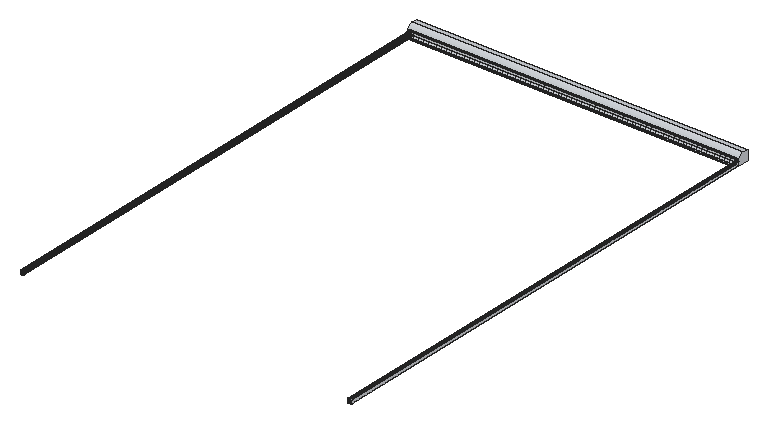
Revit family "StyRa® Zip Screen Z560", category Generic Models, host Face, Revit 2023 (continued)
Definition of nested family "Styrskena och Wire"
  Automatic sketch dimensions
    Extrusion 8 sketch curve to Extrusion 8 sketch curve = 6.3 mm
    Extrusion 8 sketch curve to plane 3 "Center (Left/Right)" = 6.77 mm
    Extrusion 8 sketch curve to plane 3 "Center (Left/Right)" = 6.47 mm
    Extrusion 8 sketch curve to Extrusion 8 sketch curve = 3.3 mm
    Extrusion 8 sketch curve to Extrusion 8 sketch curve = 0.5 mm  (x5)
    Extrusion 8 sketch curve to plane 3 "Center (Left/Right)" = 2.917 mm
    Extrusion 8 sketch curve to plane 3 "Center (Left/Right)" = 1.273 mm
    Extrusion 8 sketch curve to level = 251.215 mm
    Extrusion 8 sketch curve to Extrusion 8 sketch curve = 5.9 mm
    Extrusion 8 sketch curve to Extrusion 8 sketch curve = 1.3 mm
    Extrusion 8 sketch curve to Extrusion 8 sketch curve = 3.468 mm
    Extrusion 8 sketch curve to Extrusion 8 sketch curve = 6.826 mm
    Extrusion 8 sketch curve to Extrusion 8 sketch curve = 3.409 mm
    Extrusion 8 sketch curve to Extrusion 8 sketch curve = 7.394 mm
    Extrusion 8 sketch curve to Extrusion 8 sketch curve = 0.031 mm
    Extrusion 8 sketch curve to Extrusion 8 sketch curve = 0.79 mm
    Extrusion 8 sketch curve to Extrusion 8 sketch curve = 0.423 mm
    Extrusion 8 sketch curve to Extrusion 8 sketch curve = 0.424 mm
    Extrusion 8 sketch curve to Extrusion 8 sketch curve = 1.07 mm
    Extrusion 8 sketch curve to Extrusion 8 sketch curve = 1.942 mm
    Extrusion 8 sketch curve to Extrusion 8 sketch curve = 1.789 mm
    Extrusion 9 sketch curve to level = 0 mm
    Extrusion 9 sketch curve to plane 3 "Center (Left/Right)" = 2.917 mm
    Extrusion 9 sketch curve to plane 3 "Center (Left/Right)" = 14.85 mm
    level to Extrusion 9 sketch curve = 2 mm
    Extrusion 9 sketch curve to plane 3 "Center (Left/Right)" = 35.17 mm
    level to Extrusion 9 sketch curve = 11.65 mm
    Extrusion 9 sketch curve to Extrusion 9 sketch curve = 47.8 mm
    level to Extrusion 9 sketch curve = 30.168 mm
    Extrusion 9 sketch curve to level = 251.215 mm
    level to Extrusion 9 sketch curve = 46.545 mm
    Extrusion 9 sketch curve to plane 3 "Center (Left/Right)" = 0.475 mm
    Extrusion 9 sketch curve to plane 3 "Center (Left/Right)" = 0.547 mm
    Extrusion 9 sketch curve to Extrusion 9 sketch curve = 1.994 mm
    Extrusion 9 sketch curve to Extrusion 9 sketch curve = 0 mm  (x2)
    Extrusion 9 sketch curve to plane 3 "Center (Left/Right)" = 2.533 mm
    level to Extrusion 9 sketch curve = 1.767 mm
    level to Extrusion 10 sketch curve = 0.002 mm
    Extrusion 10 sketch curve to plane 3 "Center (Left/Right)" = 0.81 mm
    Extrusion 10 sketch curve to plane 3 "Center (Left/Right)" = 2.811 mm
    Extrusion 10 sketch curve to plane 3 "Center (Left/Right)" = 4.381 mm
    Extrusion 10 sketch curve to plane 3 "Center (Left/Right)" = 5.613 mm
    Extrusion 10 sketch curve to plane 3 "Center (Left/Right)" = 19.563 mm
    level to Extrusion 10 sketch curve = 3.998 mm
    Extrusion 10 sketch curve to Extrusion 10 sketch curve = 28.815 mm
    Extrusion 10 sketch curve to Extrusion 10 sketch curve = 1.927 mm
    Extrusion 10 sketch curve to Extrusion 10 sketch curve = 23.074 mm
    level to Extrusion 10 sketch curve = 11.851 mm
    Extrusion 10 sketch curve to Extrusion 10 sketch curve = 24.735 mm
    level to Extrusion 10 sketch curve = 4.001 mm
    level to Extrusion 10 sketch curve = 31.648 mm
    Extrusion 10 sketch curve to Extrusion 10 sketch curve = 9.42 mm
    Extrusion 10 sketch curve to Extrusion 10 sketch curve = 6.56 mm
    Extrusion 10 sketch curve to Extrusion 10 sketch curve = 7.635 mm
    Extrusion 10 sketch curve to Extrusion 10 sketch curve = 1.994 mm
    Extrusion 10 sketch curve to Extrusion 10 sketch curve = 0 mm  (x2)
    Extrusion 10 sketch curve to Extrusion 10 sketch curve = 28.968 mm
Definition of nested family "Frontprofil"
  Parameters (values of type "Tung Frontprofil")
    Höjd Fronprofil [instance] = 36 mm
    Höjd (från vägg) = 84 mm
    Fronprofil Bredd [instance] = 3000 mm
    Tung Frontprofil = not(Lätt Frontprofil)  # yes
    Lätt Frontprofil = no
    Djup (från vägg) = 36 mm
    Default Elevation = 2200 mm
  Types (2, lengths in mm): name | Tung Frontprofil | Lätt Frontprofil | Default Elevation
    Lätt Frontprofil | no | yes | 1219.2
    Tung Frontprofil | yes | no | 2200
  Reference planes
    plane 1 "Center (Front/Back)": y = 0
    plane 2: z = 0
    plane 3 "Center (Left/Right)": x = 0
    plane 4: y = 36
    plane 5: z = 84
    plane 6: x = -1500
    plane 7: x = 1500
    plane 8: y = 0
    plane 9: x = -1493
    plane 10: x = 1493
    plane 11: x = -1515
    plane 12: x = 1515
  Forms (mm)
    Extrusion 1, solid
      sketch origin (0, 0, 0) x (1, 0, 0) y (0, 1, 0)
        loop
          line (-1219.2, 1219.2) -> (-1219.2, -1219.2) -> (1219.2, -1219.2) -> (1219.2, 1219.2) -> (-1219.2, 1219.2)
      from 0 to -304.8
    Extrusion 2, solid, visible <- "Lätt Frontprofil"
      sketch origin (0, 0, 0) x (0, 1, 0) y (0, 0, 1)
        loop
          arc (2.38, 29.824) -> (1.194, 29.235) -> (0.636, 28.035) r 2
          arc (0.636, 28.035) -> (0, 15.102) -> (0.636, 2.168) r 131.806
          arc (0.636, 2.168) -> (1.194, 0.968) -> (2.38, 0.38) r 2
          arc (2.38, 0.38) -> (9.348, 0.004) -> (16.3, 0.602) r 50
          arc (16.3, 0.602) -> (21.529, 5.715) -> (26.097, 11.427) r 60
          arc (26.097, 11.427) -> (25.916, 12.388) -> (24.961, 12.182) r 0.682
          arc (24.961, 12.182) -> (14.8, 15.102) -> (24.961, 18.022) r 5.5
          arc (24.961, 18.022) -> (25.916, 17.816) -> (26.097, 18.777) r 0.682
          arc (26.097, 18.777) -> (21.529, 24.488) -> (16.3, 29.602) r 60
          arc (16.3, 29.602) -> (9.348, 30.2) -> (2.38, 29.824) r 50
      from -1493 to 1493
    Extrusion 3, solid, visible <- "Tung Frontprofil"
      sketch origin (0, 78.691, -2.535) x (0, 1, 0) y (0, 0, 1)
        loop
          arc (-70.166, 30.702) -> (-70.725, 30.575) -> (-71.25, 30.343) r 3
          line (-71.25, 30.343) -> (-75.947, 27.708)
          arc (-75.947, 27.708) -> (-77.228, 26.567) -> (-77.913, 24.995) r 4
          arc (-77.913, 24.995) -> (-78.673, 17.235) -> (-77.913, 9.475) r 40
          arc (-77.913, 9.475) -> (-77.228, 7.903) -> (-75.947, 6.763) r 4
          line (-75.947, 6.763) -> (-71.25, 4.127)
          arc (-71.25, 4.127) -> (-70.725, 3.896) -> (-70.166, 3.768) r 3
          arc (-70.166, 3.768) -> (-50.681, 2.535) -> (-31.201, 3.844) r 150
          line (-31.201, 3.844) -> (-26, 6.763)
          arc (-26, 6.763) -> (-24.719, 7.903) -> (-24.033, 9.475) r 4
          arc (-24.033, 9.475) -> (-23.728, 11.219) -> (-23.501, 12.975) r 40
          arc (-23.501, 12.975) -> (-23.877, 14.138) -> (-24.992, 14.635) r 1.5
          line (-24.992, 14.635) -> (-26.927, 14.635)
          arc (-26.927, 14.635) -> (-37.273, 17.235) -> (-26.927, 19.835) r 5.5
          line (-26.927, 19.835) -> (-24.992, 19.835)
          arc (-24.992, 19.835) -> (-23.877, 20.333) -> (-23.501, 21.495) r 1.5
          arc (-23.501, 21.495) -> (-23.728, 23.251) -> (-24.033, 24.995) r 40
          arc (-24.033, 24.995) -> (-24.719, 26.567) -> (-26, 27.708) r 4
          line (-26, 27.708) -> (-30.697, 30.343)
          arc (-30.697, 30.343) -> (-31.221, 30.575) -> (-31.781, 30.702) r 3
          arc (-31.781, 30.702) -> (-50.973, 31.935) -> (-70.166, 30.702) r 150
      from -1493 to 1493
    Extrusion 4, solid, visible <- "Lätt Frontprofil"
      sketch origin (0, 0, 0) x (0, 1, 0) y (0, 0, 1)
        loop
          arc (26.147, 11.412) -> (26.611, 15.076) -> (26.125, 18.736) r 14.455
          arc (26.125, 18.736) -> (21.545, 24.47) -> (16.3, 29.602) r 60
          arc (16.3, 29.602) -> (9.348, 30.2) -> (2.38, 29.824) r 50
          arc (2.38, 29.824) -> (1.194, 29.235) -> (0.636, 28.035) r 2
          arc (0.636, 28.035) -> (0, 15.102) -> (0.636, 2.168) r 131.806
          arc (0.636, 2.168) -> (1.194, 0.968) -> (2.38, 0.38) r 2
          arc (2.38, 0.38) -> (9.348, 0.004) -> (16.3, 0.602) r 50
          arc (16.3, 0.602) -> (21.529, 5.715) -> (26.097, 11.427) r 60
      from -1500 to -1493
    Extrusion 5, solid, visible <- "Lätt Frontprofil"
      sketch origin (0, 0, 0) x (0, 1, 0) y (0, 0, -1)
        loop
          arc (26.097, -18.777) -> (26.665, -15.102) -> (26.097, -11.427) r 12.17
          arc (26.097, -11.427) -> (21.529, -5.715) -> (16.3, -0.602) r 60
          arc (16.3, -0.602) -> (9.348, -0.004) -> (2.38, -0.38) r 50
          arc (2.38, -0.38) -> (1.194, -0.968) -> (0.636, -2.168) r 2
          arc (0.636, -2.168) -> (0, -15.102) -> (0.636, -28.035) r 131.806
          arc (0.636, -28.035) -> (1.194, -29.235) -> (2.38, -29.824) r 2
          arc (2.38, -29.824) -> (9.348, -30.2) -> (16.3, -29.602) r 50
          arc (16.3, -29.602) -> (21.529, -24.488) -> (26.097, -18.777) r 60
      from -1500 to -1493
    Extrusion 6, solid, visible <- "Tung Frontprofil"
      sketch origin (0, 0, 0) x (0, 1, 0) y (0, 0, 1)
        loop
          arc (47.489, 28.091) -> (28.01, 29.399) -> (8.525, 28.167) r 150
          arc (8.525, 28.167) -> (7.965, 28.039) -> (7.44, 27.808) r 3
          line (7.44, 27.808) -> (2.744, 25.172)
          arc (2.744, 25.172) -> (1.463, 24.032) -> (0.777, 22.46) r 4
          arc (0.777, 22.46) -> (0.017, 14.7) -> (0.777, 6.94) r 40
          arc (0.777, 6.94) -> (1.463, 5.368) -> (2.744, 4.227) r 4
          line (2.744, 4.227) -> (7.945, 1.309)
          arc (7.945, 1.309) -> (27.717, 0) -> (47.489, 1.309) r 150
          line (47.489, 1.309) -> (52.691, 4.227)
          arc (52.691, 4.227) -> (53.972, 5.368) -> (54.657, 6.94) r 4
          arc (54.657, 6.94) -> (55.227, 10.801) -> (55.417, 14.7) r 40
          arc (55.417, 14.7) -> (55.227, 18.598) -> (54.657, 22.46) r 40
          arc (54.657, 22.46) -> (53.972, 24.032) -> (52.691, 25.172) r 4
          line (52.691, 25.172) -> (47.489, 28.091)
      from -1500 to -1493
    Extrusion 7, solid, visible <- "Tung Frontprofil"
      sketch origin (0, 0, 0) x (0, 1, 0) y (0, 0, -1)
        loop
          line (47.489, -28.091) -> (52.691, -25.172)
          arc (52.691, -25.172) -> (53.972, -24.032) -> (54.657, -22.46) r 4
          arc (54.657, -22.46) -> (55.227, -18.598) -> (55.417, -14.7) r 40
          arc (55.417, -14.7) -> (55.227, -10.801) -> (54.657, -6.94) r 40
          arc (54.657, -6.94) -> (53.972, -5.368) -> (52.691, -4.227) r 4
          line (52.691, -4.227) -> (47.489, -1.309)
          arc (47.489, -1.309) -> (27.717, 0) -> (7.945, -1.309) r 150
          line (7.945, -1.309) -> (2.744, -4.227)
          arc (2.744, -4.227) -> (1.463, -5.368) -> (0.777, -6.94) r 4
          arc (0.777, -6.94) -> (0.017, -14.7) -> (0.777, -22.46) r 40
          arc (0.777, -22.46) -> (1.463, -24.032) -> (2.744, -25.172) r 4
          line (2.744, -25.172) -> (7.44, -27.808)
          arc (7.44, -27.808) -> (7.965, -28.039) -> (8.525, -28.167) r 3
          arc (8.525, -28.167) -> (28.01, -29.399) -> (47.489, -28.091) r 150
      from -1500 to -1493
    Extrusion 8, solid, visible <- "Tung Frontprofil"
      sketch origin (0, -25.957, 0) x (1, 0, 0) y (0, 1, 0)
        loop
          line (-1500, 25.957) -> (-1500, 81.187) -> (-1515, 81.187) -> (-1515, 25.957) -> (-1500, 25.957)
      from 9.014 to 20.085
    Extrusion 9, solid, visible <- "Lätt Frontprofil"
      sketch origin (0, -13.511, 0) x (1, 0, 0) y (0, 1, 0)
        loop
          line (-1500, 14.2) -> (-1500, 40.19) -> (-1515, 40.19) -> (-1515, 14.2) -> (-1500, 14.2)
      from 9.575 to 20.729
    Extrusion 10, solid, visible <- "Lätt Frontprofil"
      sketch origin (0, -13.511, 0) x (-1, 0, 0) y (0, -1, 0)
        loop
          line (-1500, -14.2) -> (-1515, -14.2) -> (-1515, -40.19) -> (-1500, -40.19) -> (-1500, -14.2)
      from 9.575 to 20.729
    Extrusion 11, solid, visible <- "Tung Frontprofil"
      sketch origin (0, 0, 0) x (-1, 0, 0) y (0, -1, 0)
        loop
          line (-1500, 0) -> (-1515, 0) -> (-1515, -55.23) -> (-1500, -55.23) -> (-1500, 0)
      from 9.014 to 20.085
  Dimensions and locks
    "Höjd (från vägg)": plane 5 to plane 2
    "Djup (från vägg)": plane 4 to plane 1 "Center (Front/Back)"
    "Höjd Fronprofil": plane 4 to plane 8
    equal spacing: plane 6, plane 3 "Center (Left/Right)", plane 7
    "Fronprofil Bredd": plane 6 to plane 7
    plane 6 to plane 9 = 7 mm
    plane 10 to plane 7 = 7 mm
    plane 11 to plane 6 = 15 mm
    Extrusion 8 to Extrusion 8 = 55.23 mm
    Extrusion 9 to Extrusion 9 = 25.99 mm
    locked: plane 7 to plane 12 at 15
    locked: plane 11 to plane 6 at 15
    aligned and locked: plane 2 to Extrusion 1
    aligned and locked: level to Extrusion 1
    aligned and locked: plane 8 to plane 1 "Center (Front/Back)"
    aligned and locked: plane 9 to Extrusion 2
    aligned and locked: plane 6 to Extrusion 4
    aligned and locked: Extrusion 4 to Extrusion 2
    aligned and locked: Extrusion 2 to plane 10
    aligned and locked: Extrusion 5 to plane 10
    aligned and locked: Extrusion 5 to plane 7
    aligned and locked: plane 9 to Extrusion 3
    aligned and locked: plane 6 to Extrusion 6
    aligned and locked: Extrusion 6 to plane 9
    aligned and locked: plane 10 to Extrusion 3
    aligned and locked: Extrusion 7 to plane 10
    aligned and locked: plane 7 to Extrusion 7
    aligned and locked: Extrusion 11 to plane 7
    aligned and locked: plane 12 to Extrusion 11
  Automatic sketch dimensions
    Extrusion 1 sketch curve to Extrusion 1 sketch curve = 2438.4 mm  (x2)
    plane 1 "Center (Front/Back)" to Extrusion 2 sketch curve = 22.959 mm  (x2)
    Extrusion 2 sketch curve to plane 1 "Center (Front/Back)" = 2.626 mm  (x2)
    Extrusion 2 sketch curve to plane 1 "Center (Front/Back)" = 8.55 mm  (x2)
    Extrusion 2 sketch curve to plane 4 = 15.7 mm
    Extrusion 2 sketch curve to Extrusion 2 sketch curve = 5.239 mm  (x2)
    level to Extrusion 2 sketch curve = 15.102 mm
    plane 4 to Extrusion 2 sketch curve = 95.806 mm
    level to Extrusion 2 sketch curve = 11.82 mm
    level to Extrusion 2 sketch curve = 2.364 mm
    Extrusion 2 sketch curve to level = 15.772 mm
    Extrusion 2 sketch curve to level = 19.794 mm
    Extrusion 2 sketch curve to Extrusion 2 sketch curve = 3.282 mm  (x2)
    Extrusion 2 sketch curve to Extrusion 2 sketch curve = 12.737 mm
    Extrusion 2 sketch curve to Extrusion 2 sketch curve = 18.136 mm
    Extrusion 2 sketch curve to Extrusion 2 sketch curve = 22.158 mm
    Extrusion 2 sketch curve to plane 1 "Center (Front/Back)" = 0.636 mm
    Extrusion 2 sketch curve to Extrusion 2 sketch curve = 0 mm  (x6)
    level to Extrusion 2 sketch curve = 0.602 mm
    Extrusion 2 sketch curve to Extrusion 2 sketch curve = 13.674 mm
    Extrusion 2 sketch curve to Extrusion 2 sketch curve = 0.578 mm
    Extrusion 3 sketch curve to Extrusion 3 sketch curve = 0 mm  (x6)
    Extrusion 3 sketch curve to plane 1 "Center (Front/Back)" = 2.744 mm  (x2)
    Extrusion 3 sketch curve to Extrusion 3 sketch curve = 1.957 mm  (x4)
    level to Extrusion 3 sketch curve = 1.592 mm
    Extrusion 3 sketch curve to Extrusion 3 sketch curve = 4.697 mm  (x2)
    Extrusion 3 sketch curve to Extrusion 3 sketch curve = 1.468 mm  (x3)
    Extrusion 3 sketch curve to Extrusion 3 sketch curve = 6.509 mm
    Extrusion 3 sketch curve to plane 4 = 8.283 mm  (x2)
    plane 4 to Extrusion 3 sketch curve = 4.017 mm
    plane 4 to Extrusion 3 sketch curve = 10.526 mm
    Extrusion 3 sketch curve to Extrusion 3 sketch curve = 6.9 mm
    level to Extrusion 3 sketch curve = 1.309 mm
    plane 4 to Extrusion 3 sketch curve = 11.489 mm
    Extrusion 3 sketch curve to Extrusion 3 sketch curve = 4.207 mm
    Extrusion 3 sketch curve to Extrusion 3 sketch curve = 3.244 mm
    Extrusion 3 sketch curve to Extrusion 3 sketch curve = 1.031 mm  (x2)
    level to Extrusion 3 sketch curve = 4.227 mm  (x2)
    Extrusion 3 sketch curve to Extrusion 3 sketch curve = 1.934 mm  (x2)
    Extrusion 3 sketch curve to level = 120.6 mm
    Extrusion 3 sketch curve to Extrusion 3 sketch curve = 2.616 mm  (x3)
    Extrusion 3 sketch curve to Extrusion 3 sketch curve = 3.488 mm  (x4)
    Extrusion 3 sketch curve to Extrusion 3 sketch curve = 2.884 mm  (x2)
    Extrusion 3 sketch curve to Extrusion 3 sketch curve = 1.5 mm  (x2)
    Extrusion 3 sketch curve to Extrusion 3 sketch curve = 10.492 mm
    Extrusion 3 sketch curve to Extrusion 3 sketch curve = 2.6 mm  (x2)
    Extrusion 3 sketch curve to Extrusion 3 sketch curve = 6.984 mm
    Extrusion 3 sketch curve to Extrusion 3 sketch curve = 3.508 mm  (x2)
    Extrusion 3 sketch curve to plane 5 = 66 mm
    plane 1 "Center (Front/Back)" to Extrusion 5 sketch curve = 22.959 mm  (x2)
    Extrusion 5 sketch curve to plane 1 "Center (Front/Back)" = 2.626 mm  (x2)
    Extrusion 5 sketch curve to plane 1 "Center (Front/Back)" = 8.55 mm  (x2)
    Extrusion 5 sketch curve to plane 1 "Center (Front/Back)" = 14.495 mm
    level to Extrusion 5 sketch curve = 15.102 mm  (x2)
    plane 4 to Extrusion 5 sketch curve = 95.806 mm
    Extrusion 5 sketch curve to Extrusion 5 sketch curve = 12.737 mm
    Extrusion 5 sketch curve to Extrusion 5 sketch curve = 18.136 mm
    Extrusion 5 sketch curve to Extrusion 5 sketch curve = 22.158 mm
    level to Extrusion 5 sketch curve = 2.364 mm
    Extrusion 5 sketch curve to level = 15.772 mm
    Extrusion 5 sketch curve to level = 19.794 mm
    Extrusion 5 sketch curve to plane 1 "Center (Front/Back)" = 0.636 mm
    Extrusion 5 sketch curve to Extrusion 5 sketch curve = 0 mm  (x4)
    Extrusion 5 sketch curve to Extrusion 5 sketch curve = 13.674 mm
    level to Extrusion 5 sketch curve = 0.602 mm
    Extrusion 5 sketch curve to plane 4 = 9.903 mm
    Extrusion 6 sketch curve to Extrusion 6 sketch curve = 0 mm  (x4)
    Extrusion 6 sketch curve to plane 1 "Center (Front/Back)" = 2.744 mm  (x2)
    Extrusion 6 sketch curve to Extrusion 6 sketch curve = 1.957 mm  (x4)
    Extrusion 6 sketch curve to Extrusion 6 sketch curve = 4.697 mm
    level to Extrusion 6 sketch curve = 1.309 mm  (x2)
    Extrusion 6 sketch curve to Extrusion 6 sketch curve = 5.201 mm
    Extrusion 6 sketch curve to Extrusion 6 sketch curve = 1.468 mm
    Extrusion 6 sketch curve to Extrusion 6 sketch curve = 6.509 mm
    Extrusion 6 sketch curve to plane 4 = 8.283 mm  (x2)
    plane 4 to Extrusion 6 sketch curve = 4.017 mm
    plane 4 to Extrusion 6 sketch curve = 11.489 mm
    Extrusion 6 sketch curve to Extrusion 6 sketch curve = 3.244 mm  (x2)
    level to Extrusion 6 sketch curve = 4.227 mm  (x2)
    Extrusion 6 sketch curve to level = 120.6 mm
    Extrusion 6 sketch curve to Extrusion 6 sketch curve = 3.488 mm  (x4)
    Extrusion 6 sketch curve to Extrusion 6 sketch curve = 6.984 mm  (x4)
    Extrusion 6 sketch curve to Extrusion 6 sketch curve = 3.508 mm
    Extrusion 6 sketch curve to Extrusion 6 sketch curve = 2.616 mm
    Extrusion 6 sketch curve to Extrusion 6 sketch curve = 2.919 mm
    Extrusion 6 sketch curve to plane 5 = 66 mm
    Extrusion 7 sketch curve to Extrusion 7 sketch curve = 0 mm  (x4)
    Extrusion 7 sketch curve to plane 1 "Center (Front/Back)" = 2.744 mm  (x2)
    Extrusion 7 sketch curve to Extrusion 7 sketch curve = 1.957 mm  (x4)
    Extrusion 7 sketch curve to Extrusion 7 sketch curve = 4.697 mm
    level to Extrusion 7 sketch curve = 1.309 mm  (x2)
    Extrusion 7 sketch curve to Extrusion 7 sketch curve = 5.201 mm
    Extrusion 7 sketch curve to Extrusion 7 sketch curve = 1.468 mm
    Extrusion 7 sketch curve to Extrusion 7 sketch curve = 6.509 mm
    Extrusion 7 sketch curve to plane 4 = 8.283 mm  (x2)
    plane 4 to Extrusion 7 sketch curve = 4.017 mm
    plane 4 to Extrusion 7 sketch curve = 11.489 mm
    Extrusion 7 sketch curve to Extrusion 7 sketch curve = 3.244 mm  (x2)
    level to Extrusion 7 sketch curve = 4.227 mm
    Extrusion 7 sketch curve to Extrusion 7 sketch curve = 3.488 mm  (x4)
    Extrusion 7 sketch curve to Extrusion 7 sketch curve = 6.407 mm
    Extrusion 7 sketch curve to Extrusion 7 sketch curve = 6.984 mm  (x4)
    Extrusion 7 sketch curve to Extrusion 7 sketch curve = 3.508 mm
    Extrusion 7 sketch curve to Extrusion 7 sketch curve = 2.616 mm
    Extrusion 7 sketch curve to Extrusion 7 sketch curve = 2.919 mm
    Extrusion 7 sketch curve to plane 5 = 66 mm
    Extrusion 7 sketch curve to level = 120.6 mm
    Extrusion 8 sketch curve to plane 11 = 0 mm
    Extrusion 8 sketch curve to plane 6 = 0 mm
    Extrusion 8 sketch curve to plane 4 = 36 mm
    plane 4 to Extrusion 8 sketch curve = 19.23 mm
    Extrusion 9 sketch curve to plane 11 = 0 mm
    Extrusion 9 sketch curve to plane 6 = 0 mm
    Extrusion 9 sketch curve to plane 1 "Center (Front/Back)" = 0.689 mm
    Extrusion 9 sketch curve to Extrusion 9 sketch curve = 25.99 mm
    Extrusion 10 sketch curve to plane 12 = 0 mm
    Extrusion 10 sketch curve to plane 7 = 0 mm
    plane 1 "Center (Front/Back)" to Extrusion 10 sketch curve = 0.689 mm
    Extrusion 10 sketch curve to Extrusion 10 sketch curve = 25.99 mm
    Extrusion 11 sketch curve to plane 12 = 0 mm
    Extrusion 11 sketch curve to plane 7 = 0 mm
    plane 4 to Extrusion 11 sketch curve = 36 mm
    Extrusion 11 sketch curve to plane 4 = 19.23 mm
    plane 1 "Center (Front/Back)" to Extrusion 4 sketch curve = 22.959 mm  (x2)
    Extrusion 4 sketch curve to plane 1 "Center (Front/Back)" = 2.626 mm  (x2)
    Extrusion 4 sketch curve to plane 1 "Center (Front/Back)" = 8.55 mm  (x2)
    Extrusion 4 sketch curve to plane 1 "Center (Front/Back)" = 12.157 mm
    level to Extrusion 4 sketch curve = 15.102 mm
    plane 4 to Extrusion 4 sketch curve = 95.806 mm
    level to Extrusion 4 sketch curve = 15.046 mm
    level to Extrusion 4 sketch curve = 2.364 mm
    Extrusion 4 sketch curve to level = 15.772 mm
    Extrusion 4 sketch curve to level = 19.794 mm
    Extrusion 4 sketch curve to Extrusion 4 sketch curve = 12.793 mm
    Extrusion 4 sketch curve to Extrusion 4 sketch curve = 18.136 mm
    Extrusion 4 sketch curve to Extrusion 4 sketch curve = 22.158 mm
    Extrusion 4 sketch curve to plane 1 "Center (Front/Back)" = 0.636 mm
    Extrusion 4 sketch curve to Extrusion 4 sketch curve = 0 mm  (x4)
    Extrusion 4 sketch curve to Extrusion 4 sketch curve = 13.674 mm
    level to Extrusion 4 sketch curve = 0.602 mm
    Extrusion 4 sketch curve to plane 4 = 9.903 mm
    Extrusion 4 sketch curve to Extrusion 4 sketch curve = 0.028 mm
    Extrusion 4 sketch curve to Extrusion 4 sketch curve = 0.007 mm
    Extrusion 4 sketch curve to Extrusion 4 sketch curve = 0.051 mm
    Extrusion 4 sketch curve to Extrusion 4 sketch curve = 0.015 mm
Types (3, lengths in mm): name | Kassett Round | Kassett Square
  (no name) | yes | no
  StyRa® Zip Screen Z560 4K | no | yes
  StyRa® Zip Screen Z560 | yes | no
